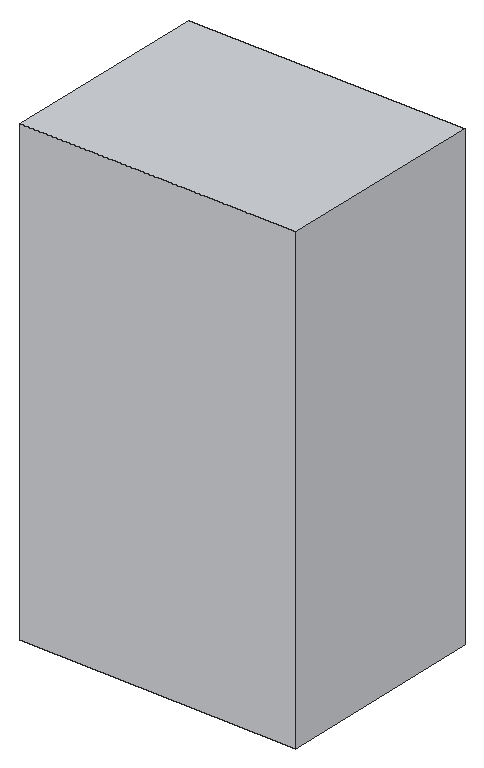
Revit family
Parameters
  Warranty Duration (Years) = 0
  URL = "http://www.americanspecialties.com/viewCategories.cfm"
  Trim Material = Metal - Stainless Steel
  Test Data = ""
  Specification = "http://www.arcat.com/sdspecs/htm/10810asi.htm"
  SpecWizard = ""
  Send Message = "http://www.arcat.com/users.pl?action=UserEmail&company=American%20Specialties,%20Inc.&coid=30448&rep=139&fax=914-476-0688&mf="
  Sales Information = "http://www.americanspecialties.com/contact"
  Revision = "R1_10-2010"
  Product Properties = "http://www.americanspecialties.com/datasheets/5001-SS.pdf"
  Product Data = "http://www.arcat.com/arcatcos/cos30/arc30448.html"
  Model = "As Specified in 10 28 13"
  Manufacturer Website = "http://www.americanspecialties.com/viewCategories.cfm"
  Manufacturer Phone - Toll Free = ""
  Manufacturer Phone = "914-476-9000 "
  Manufacturer Fax = "914-476-0688"
  Manufacturer Address = "441 Saw Mill River Rd., Yonkers, NY 10701"
  Manufacturer = "American Specialties, Inc."
  Maintenance Schedule (Months) = 0
  Keynote = "10 28 13"
  Installation-Fabrication = "http://www.americanspecialties.com/products.cfm"
  Green Building-LEED = ""
  Expected Lifespan (Years) = 0
  Drawn By = "Robert S. Weygant. CSI, CDT, SCIP"  # constant formula
  Description = "Toilet Accessory as Specified in 10 28 13"
  Default Elevation = 4' - 0"
  Copyright = "©Arcat Inc."
  Construction Details = "http://www.arcat.com/green/clients/leed_data_30448.html"
  Building Codes = "http://www.americanspecialties.com/products.cfm"
  Body Material = Metal - Stainless Steel
  Assembly Code = "C1030210"
Reference planes (in)
  plane 1 "Center (Front/Back)": y = -0.29112
  plane 2 "Floor Line": z = 0
  plane 3 "Center (Left/Right)": x = -0.65843
  plane 4: z = 52.69336
  plane 5: x = -11.00414
  plane 6: x = 9.68727
  plane 7: z = 48
  plane 8: z = 57.38672
Forms (in)
  Extrusion 1, solid
    sketch origin (-3, -9, -6) x (0, 0, -1) y (1, 0, 0)
      loop
        line (-82, 26) -> (-82, -19.34712) -> (-6, -19.34712) -> (-6, 26) -> (-82, 26)
    from 9 to -25.60721
  Extrusion 2, solid, material "Metal - Stainless Steel" <- "Body Material"
    sketch origin (1.31657, 0, 0) x (0, 1, 0) y (0, 0, 1)
      loop
        line (5.20888, 0) -> (4.20888, 4) -> (-4.79112, 4) -> (-5.79112, 0) -> (5.20888, 0)
    from 0 to 0.15
  Extrusion 3, solid, material "Metal - Stainless Steel" <- "Body Material"
    sketch origin (-2.63343, 0, 0) x (0, 1, 0) y (0, 0, -1)
      loop
        line (5.20888, 0) -> (-5.79112, 0) -> (-4.79112, -4) -> (4.20888, -4) -> (5.20888, 0)
    from 0 to 0.15
  Extrusion 4, solid, material "Metal - Stainless Steel" <- "Body Material"
    sketch origin (-0.65843, 0, 0) x (0, 1, 0) y (0, 0, 1)
      loop
        line (5.20888, 0) -> (5.17138, 0.15) -> (-5.75362, 0.15) -> (-5.79112, 0) -> (5.20888, 0)
    from -1.975 to 1.975
  Extrusion 5, solid, material "Metal - Stainless Steel" <- "Body Material"
    sketch origin (-0.65843, 0, 0) x (0, 1, 0) y (0, 0, 1)
      loop
        line (5.02138, 0.15) -> (4.09638, 3.85) -> (-4.67862, 3.85) -> (-5.60362, 0.15) -> (5.02138, 0.15)
    from -1.975 to 1.975
  SweptBlend 6, void
    path origin (-0.65843, 0, 0) x (0, 1, 0) y (0, 0, 1)
      loop
        line (-3.54112, 3.85) -> (-3.54112, 3.79731)
    profile origin (-0.65843, -3.54112, 3.85) x (1, 0, 0) y (0, 1, 0)
      loop
        line (-1.60156, 0.24844) -> (-1.60156, -0.24844)
        arc (-1.60156, -0.24844) -> (-1.57182, -0.32025) -> (-1.5, -0.35) r 0.10156
        line (-1.5, -0.35) -> (1.5, -0.35)
        arc (1.5, -0.35) -> (1.57182, -0.32025) -> (1.60156, -0.24844) r 0.10156
        line (1.60156, -0.24844) -> (1.60156, 0.24844)
        arc (1.60156, 0.24844) -> (1.57182, 0.32025) -> (1.5, 0.35) r 0.10156
        line (1.5, 0.35) -> (-1.5, 0.35)
        arc (-1.5, 0.35) -> (-1.57182, 0.32025) -> (-1.60156, 0.24844) r 0.10156
    end profile origin (-0.65843, -3.54112, 3.79731) x (1, 0, 0) y (0, 1, 0)
      loop
        line (1.5, 0.29922) -> (-1.5, 0.29922)
        arc (-1.5, 0.29922) -> (-1.53591, 0.28435) -> (-1.55078, 0.24844) r 0.05078
        line (-1.55078, 0.24844) -> (-1.55078, -0.24844)
        arc (-1.55078, -0.24844) -> (-1.53591, -0.28435) -> (-1.5, -0.29922) r 0.05078
        line (-1.5, -0.29922) -> (1.5, -0.29922)
        arc (1.5, -0.29922) -> (1.53591, -0.28435) -> (1.55078, -0.24844) r 0.05078
        line (1.55078, -0.24844) -> (1.55078, 0.24844)
        arc (1.55078, 0.24844) -> (1.53591, 0.28435) -> (1.5, 0.29922) r 0.05078
  Extrusion 7, void
    sketch origin (0, -0.29112, 0) x (1, 0, 0) y (0, 0, 1)
      loop
        line (-1.65843, 1.06207) -> (0.34157, 1.06207) -> (0.34157, 1.16019) -> (-1.65843, 1.16019) -> (-1.65843, 1.06207)
    from 4.48079 to 5.70184
  Extrusion 8, solid, material "Metal - Stainless Steel" <- "Body Material"
    sketch origin (-0.65843, 0, -0.05066) x (0, 1, 0) y (0, 0, 1)
      loop
        line (-4.77191, 1.13088) -> (-4.77191, 1.19055) -> (-6.14171, 1.19055) -> (-6.4903, 1.55944) -> (-6.29949, 1.13088) -> (-4.77191, 1.13088)
    from -0.7612 to 0.76343
  Extrusion 9, solid, material "Metal - Stainless Steel" <- "Body Material"
    sketch origin (0, -0.81507, -1.14631) x (1, 0, 0) y (0, 0.242536, 0.970143)
      loop
        circle (-0.65843, 3.25514) r 0.17534
    from 5.10549 to 5.2401
  Extrusion 10, solid, material "Metal - Stainless Steel" <- "Body Material"
    sketch origin (0, -0.81507, -1.14631) x (1, 0, 0) y (0, 0.242536, 0.970143)
      loop
        circle (-0.65843, 3.25106) r 0.07539
    from 5.2401 to 5.3139
  Extrusion 11, solid, material "Metal - Stainless Steel" <- "Body Material"
    sketch origin (0, 0.25197, -1.21516) x (1, 0, 0) y (0, -0.247112, 0.968987)
      loop
        circle (-0.65843, 1.72744) r 0.17138
    from -5.28948 to -5.11273
  Extrusion 12, void
    sketch origin (0, 0.25197, -1.21516) x (1, 0, 0) y (0, -0.247112, 0.968987)
      loop
        line (-0.6885, 1.64185) -> (-0.62836, 1.64185) -> (-0.62836, 1.82611) -> (-0.6885, 1.82611) -> (-0.6885, 1.64185)
    from -5.28948 to -5.11273
Cuts and joins
  SweptBlend 6, Extrusion 7, Extrusion 12 cuts Extrusion 5
  Extrusion 12 cuts Extrusion 11
Dimensions and locks (in)
  equal spacing: plane 8, plane 4, plane 7
  equal spacing: plane 6, plane 3 "Center (Left/Right)", plane 5
  locked: plane 6 to plane 5 at 20.69141
  locked: plane 8 to plane 7 at 9.38672
  "Default Elevation": plane 7 to plane 2 "Floor Line"
  aligned and locked: Extrusion 1 to level
  aligned and locked: Extrusion 5 to Extrusion 3
  aligned and locked: Extrusion 5 to Extrusion 2
  aligned and locked: Extrusion 10 to Extrusion 9
  aligned and locked: Extrusion 11 to Extrusion 12  (x2)
Automatic sketch dimensions
  Extrusion 1 sketch curve to Extrusion 1 sketch curve = 6' - 4"
  Extrusion 1 sketch curve to Extrusion 1 sketch curve = 3' - 9.34712"
  Extrusion 2 sketch curve to level = 0' - 0"
  plane 1 "Center (Front/Back)" to Extrusion 2 sketch curve = 0' - 5 1/2"
  Extrusion 2 sketch curve to Extrusion 2 sketch curve = 0' - 1"  (x2)
  Extrusion 2 sketch curve to plane 1 "Center (Front/Back)" = 0' - 4 1/2"
  level to Extrusion 2 sketch curve = 0' - 4"
  Extrusion 3 sketch curve to level = 0' - 0"
  plane 1 "Center (Front/Back)" to Extrusion 3 sketch curve = 0' - 5 1/2"
  Extrusion 3 sketch curve to Extrusion 3 sketch curve = 0' - 1"  (x2)
  Extrusion 3 sketch curve to plane 1 "Center (Front/Back)" = 0' - 4 1/2"
  level to Extrusion 3 sketch curve = 0' - 4"
  Extrusion 4 sketch curve to level = 0' - 0"
  plane 1 "Center (Front/Back)" to Extrusion 4 sketch curve = 0' - 5 1/2"
  Extrusion 4 sketch curve to Extrusion 4 sketch curve = 0' - 0.0375"  (x2)
  level to Extrusion 4 sketch curve = 0' - 0.15"
  Extrusion 4 sketch curve to plane 1 "Center (Front/Back)" = 0' - 5.4625"
  level to Extrusion 5 sketch curve = 0' - 0.15"
  plane 1 "Center (Front/Back)" to Extrusion 5 sketch curve = 0' - 5 5/16"
  Extrusion 5 sketch curve to Extrusion 5 sketch curve = 0' - 0.925"  (x2)
  Extrusion 5 sketch curve to plane 1 "Center (Front/Back)" = 0' - 4.3875"
  Extrusion 5 sketch curve to Extrusion 5 sketch curve = 0' - 3.7"
  plane 1 "Center (Front/Back)" to SweptBlend 6 sketch curve = 0' - 3 1/4"
  level to SweptBlend 6 sketch curve = 0' - 3.79731"
  SweptBlend 6 sketch curve to SweptBlend 6 sketch curve = 0' - 0.05269"
  profile plane to SweptBlend 6 sketch curve = 0' - 0.24844"  (x2)
  SweptBlend 6 sketch curve to plane 3 "Center (Left/Right)" = 0' - 1 77/128"
  SweptBlend 6 sketch curve to SweptBlend 6 sketch curve = 0' - 0 13/128"  (x3)
  plane 3 "Center (Left/Right)" to SweptBlend 6 sketch curve = 0' - 1 1/2"  (x2)
  SweptBlend 6 sketch curve to SweptBlend 6 sketch curve = 0' - 0"  (x2)
  SweptBlend 6 sketch curve to profile plane = 0' - 0.24844"
  SweptBlend 6 sketch curve to plane 3 "Center (Left/Right)" = 0' - 1 141/256"
  SweptBlend 6 sketch curve to SweptBlend 6 sketch curve = 0' - 0 13/256"  (x3)
  SweptBlend 6 sketch curve to profile plane = 0' - 0.29922"
  Extrusion 7 sketch curve to plane 3 "Center (Left/Right)" = 0' - 1"
  plane 3 "Center (Left/Right)" to Extrusion 7 sketch curve = 0' - 1"
  level to Extrusion 7 sketch curve = 0' - 1.06207"
  Extrusion 7 sketch curve to Extrusion 7 sketch curve = 0' - 0.09812"
  level to Extrusion 8 sketch curve = 0' - 1.50878"
  plane 1 "Center (Front/Back)" to Extrusion 8 sketch curve = 0' - 6.19918"
  level to Extrusion 8 sketch curve = 0' - 1.08021"
  Extrusion 8 sketch curve to Extrusion 8 sketch curve = 0' - 0.19081"
  Extrusion 8 sketch curve to Extrusion 8 sketch curve = 0' - 0.15778"
  Extrusion 8 sketch curve to Extrusion 8 sketch curve = 0' - 1.3698"
  Extrusion 8 sketch curve to Extrusion 8 sketch curve = 0' - 0.05967"
  Extrusion 9 sketch curve to plane 3 "Center (Left/Right)" = 0' - 0"
  Extrusion 10 sketch curve to plane 3 "Center (Left/Right)" = 0' - 0"
  Extrusion 11 sketch curve to plane 3 "Center (Left/Right)" = 0' - 0"
  Extrusion 12 sketch curve to plane 3 "Center (Left/Right)" = 0' - 0.03007"
  plane 3 "Center (Left/Right)" to Extrusion 12 sketch curve = 0' - 0.03007"
  Extrusion 12 sketch curve to Extrusion 12 sketch curve = 0' - 0.18426"
  radius of Extrusion 9 sketch curve = 0' - 0.17534"
  radius of Extrusion 10 sketch curve = 0' - 0.07539"
  radius of Extrusion 11 sketch curve = 0' - 0.17138"
